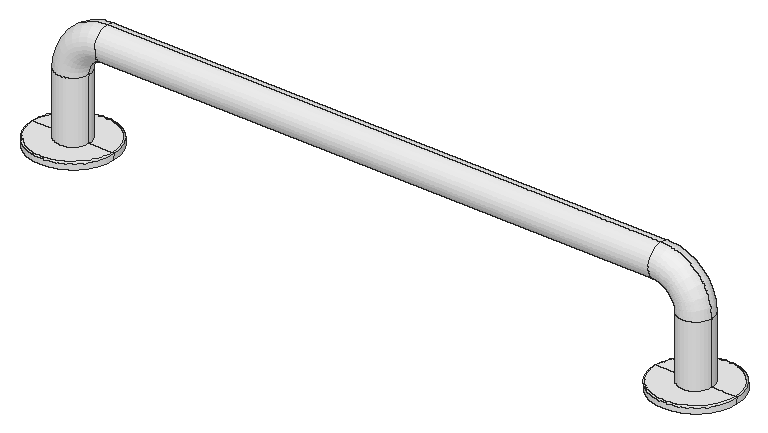
Revit family "Bathroom-Accessory-Waterworks-Flyte-Towel_Bar", category Specialty Equipment, host Face, Revit 2014
Parameters (values of type "NOT A TYPE - Load Type Catalog")
  ‌Installation Requirements or Notes = "Wall Mounted. Not designed to be field cut"  # constant formula
  Warranty = "http://www.waterworks.com/warranty"
  Version = "2014 - v1.0a"  # constant formula
  Support Phone = "(224) 699-9545"  # constant formula
  Support Email = "mailto:support@anguleris.com"
  Model SKU = if(and(Constraint = 1, ControlM = 1), "22-43130-77563", if(and(Constraint = 1, ControlM = 2), "22-39098-92336", if(and(Constraint = 1, ControlM = 3), "22-39227-49736", if(and(Constraint = 1, ControlM = 4), "22-06174-67356", if(and(Constraint = 2, ControlM = 5), "22-50059-19662", if(and(Constraint = 2, ControlM = 6), "22-99807-78273", if(and(Constraint = 2, ControlM = 7), "22-50228-09742", if(and(Constraint = 2, ControlM = 8), "22-59402-53813", "Not Available"))))))))  # "22-43130-77563"
  Manufacturer Email = "mailto:acallanan@waterworks.com"
  Length = if([18" Towel Bar], 1' 6", 2' 0")  # 1' - 6"
  Height = 0' - 2 3/8"  # constant formula
  Finish = Metal - Waterworks - Chrome
  Depth = 0' - 3 7/16"  # constant formula
  18" Towel Bar = if(Constraint = 1, 1 = 1, 1 = 0)  # yes
  Keynote = "22 40 00"
  URL = "http://www.waterworks.com/"
  Product Page URL = "http://www.waterworks.com/flyte-18-single-metal-towel-bar-fltb18"
  Product Name = if(Constraint = 1, "Flyte 18” Single Towel Bar", "Flyte 24” Single Towel Bar")  # "Flyte 18” Single Towel Bar"
  Product Documentation Link = "http://assets.waterworks.com/wasset/37/original/35837.pdf"
  Model = if(Constraint = 1, "FLTB18", "FLTB24")  # "FLTB18"
  Material = ""
  Manufacturer Phone Number = "(203)546-6201"  # constant formula
  Manufacturer Address = "60 Backus Avenue, Danbury, CT 06810"  # constant formula
  Manufacturer = "Waterworks"  # constant formula
  Description = if(and(Constraint = 1, ControlM = 1), "Flyte 18” Single Towel Bar in Chrome", if(and(Constraint = 1, ControlM = 2), "Flyte 18” Single Towel Bar in Graphite", if(and(Constraint = 1, ControlM = 3), "Flyte 18” Single Towel Bar in Nickel", if(and(Constraint = 1, ControlM = 4), "Flyte 18” Single Towel Bar in Unlacquered Brass", if(and(Constraint = 2, ControlM = 5), "Flyte 24” Single Towel Bar in Chrome", if(and(Constraint = 2, ControlM = 6), "Flyte 24” Single Towel Bar in Graphite", if(and(Constraint = 2, ControlM = 7), "Flyte 24” Single Towel Bar in Nickel", if(and(Constraint = 2, ControlM = 8), "Flyte 24” Single Towel Bar in Unlacquered Brass", "Not Available"))))))))  # "Flyte 18” Single Towel Bar in Chrome"
  Default Elevation = 3' - 0"
  24" Towel Bar = not([18" Towel Bar])  # no
  Copyright = "@2017 Waterworks Operating Company LLC. All rights reserved"  # constant formula
  ControlM = 1
  Constraint = 1
  Assembly Code = "C1030200"
Reference planes (in)
  plane 1 "Center (Front/Back)": y = 0
  plane 2 "Back": z = 0
  plane 3 "Center (Left/Right)": x = 0
  plane 4: x = 9
  plane 5: x = -9
  plane 6 "Top": y = 1.1875
  plane 7 "Bottom": y = -1.1875
  plane 8 "Left": x = -10.1875
  plane 9: x = -7.8125
  plane 10: x = 7.8125
  plane 11 "Right": x = 10.1875
  plane 12: z = 3.4375
  plane 13: z = 2.5
  plane 14: z = 2.96875
Forms (in)
  Revolve 1, solid, material "Metal - Waterworks - Chrome" <- "Finish"
    sketch origin (0, 0, 0) x (1, 0, 0) y (0, 0, 1)
      loop
        line (-10.1875, 0) -> (-9, 0) -> (-9, 0.1875) -> (-10.15625, 0.1875)
        arc (-10.15625, 0.1875) -> (-10.17835, 0.17835) -> (-10.1875, 0.15625) r 0.03125
        line (-10.1875, 0.15625) -> (-10.1875, 0)
      axis (-9, 0.1875) -> (-9, 0)
    angle from 0 to 360
  Revolve 2, solid, material "Metal - Waterworks - Chrome" <- "Finish"
    sketch origin (0, 0, 0) x (1, 0, 0) y (0, 0, 1)
      loop
        line (9, 0) -> (10.1875, 0) -> (10.1875, 0.15625)
        arc (10.1875, 0.15625) -> (10.17835, 0.17835) -> (10.15625, 0.1875) r 0.03125
        line (10.15625, 0.1875) -> (9, 0.1875) -> (9, 0)
      axis (9, 0.1875) -> (9, 0)
    angle from 0 to 360
  Sweep 3, solid, material "Metal - Waterworks - Chrome" <- "Finish"
    path origin (0, 0, 0) x (1, 0, 0) y (0, 0, 1)
      loop
        line (9, 0) -> (9, 1.96875)
        arc (9, 1.96875) -> (8.70711, 2.67586) -> (8, 2.96875) r 1
        line (8, 2.96875) -> (-8, 2.96875)
        arc (-8, 2.96875) -> (-8.70711, 2.67586) -> (-9, 1.96875) r 1
        line (-9, 1.96875) -> (-9, 0)
    profile origin (0, 0, 2.96875) x (0, 0, -1) y (0, -1, 0)
      loop
        circle (0, 0) r 0.46875
Cuts and joins
  joined: Revolve 1, Revolve 2, Sweep 3
Lines and regions (in)
  Masking region 1
    outline origin (0, 1.1875, 3.625) x (0, 0, -1) y (-1, 0, 0)
      loop
        line (3.625, -10.1875) -> (3.625, -7.8125) -> (3.4375, -7.8125) -> (3.4375, -8.53125) -> (1.65625, -8.53125)
        arc (1.65625, -8.53125) -> (1.2806, -8.37565) -> (1.125, -8) r 0.53125
        line (1.125, -8) -> (1.125, 8)
        arc (1.125, 8) -> (1.2806, 8.37565) -> (1.65625, 8.53125) r 0.53125
        line (1.65625, 8.53125) -> (3.4375, 8.53125) -> (3.4375, 7.8125) -> (3.625, 7.8125) -> (3.625, 10.1875) -> (3.4375, 10.1875) -> (3.4375, 9.46875) -> (1.65625, 9.46875)
        arc (1.65625, 9.46875) -> (0.61769, 9.03856) -> (0.1875, 8) r 1.46875
        line (0.1875, 8) -> (0.1875, -8)
        arc (0.1875, -8) -> (0.61769, -9.03856) -> (1.65625, -9.46875) r 1.46875
        line (1.65625, -9.46875) -> (3.4375, -9.46875) -> (3.4375, -10.1875) -> (3.625, -10.1875)
  symbolic lines, detail levels medium+fine
    curve 1: line (10.1875, 1.1875, 0.1875) -> (7.8125, 1.1875, 0.1875)
    curve 2: line (-7.8125, 1.1875, 0.1875) -> (-10.1875, 1.1875, 0.1875)
Dimensions and locks (in)
  equal spacing: plane 5, plane 3 "Center (Left/Right)", plane 4
  "Length": plane 5 to plane 4
  equal spacing: plane 8 "Left", plane 5, plane 9
  locked: plane 8 "Left" to plane 9 at 2.375
  equal spacing: plane 10, plane 4, plane 11 "Right"
  locked: plane 10 to plane 11 "Right" at 2.375
  equal spacing: plane 7 "Bottom", plane 1 "Center (Front/Back)", plane 6 "Top"
  "Height": plane 7 "Bottom" to plane 6 "Top"
  plane 12 to plane 13 to plane 2 "Back" = 0' - 0 15/16" locked, 0' - 2 1/2" locked
  equal spacing: plane 12, plane 14, plane 13
  Revolve 1 sketch curve to Revolve 1 sketch curve to plane 2 "Back" = 0' - 0 1/32" locked, 0' - 0 5/32" locked
  locked: Revolve 1 sketch curve to plane 8 "Left" at 0.03125
  locked: plane 11 "Right" to Revolve 2 sketch curve at 0.03125
  Revolve 2 sketch curve to Revolve 2 sketch curve to plane 2 "Back" = 0' - 0 1/32" locked, 0' - 0 5/32" locked
  locked: Sweep 3 sketch curve to plane 1 "Center (Front/Back)" at 0.46875
  plane 4 to Masking region 1 sketch curve to Masking region 1 sketch curve = 0' - 1" locked, 0' - 0" locked
  Masking region 1 sketch curve to Masking region 1 sketch curve to plane 14 = 0' - 0" locked, 0' - 1" locked  (x2)
  Masking region 1 sketch curve to Masking region 1 sketch curve to plane 5 = 0' - 0" locked, 0' - 1" locked
  aligned and locked: host face to plane 2 "Back"
  aligned and locked: level to host face
  aligned and locked: Revolve 1 sketch curve to plane 8 "Left"
  aligned and locked: Revolve 1 sketch curve to plane 2 "Back"
  aligned and locked: plane 5 to Revolve 1 sketch curve
  aligned and locked: Revolve 1 sketch curve to plane 5
  aligned and locked: Revolve 2 sketch curve to plane 2 "Back"
  aligned and locked: Revolve 2 sketch curve to plane 4  (x2)
  aligned and locked: plane 11 "Right" to Revolve 2 sketch curve
  aligned and locked: Sweep 3 sketch curve to plane 5
  aligned and locked: plane 14 to Sweep 3 sketch curve
  aligned and locked: plane 4 to Sweep 3 sketch curve
  aligned and locked: plane 2 "Back" to Sweep 3 sketch curve  (x2)
  aligned and locked: profile plane to plane 14
  aligned and locked: profile plane to plane 1 "Center (Front/Back)"
  aligned and locked: profile plane to Sweep 3 sketch curve  (x2)
  aligned and locked: Masking region 1 sketch curve to plane 2 "Back"  (x2)
  aligned and locked: Masking region 1 sketch curve to plane 10
  aligned and locked: plane 11 "Right" to Masking region 1 sketch curve
  aligned and locked: plane 9 to Masking region 1 sketch curve
  aligned and locked: Masking region 1 sketch curve to plane 8 "Left"
  aligned and locked: Masking region 1 sketch curve to cut or joined group of Revolve 1, Revolve 2, Sweep 3  (x7)
  aligned and locked: cut or joined group of Revolve 1, Revolve 2, Sweep 3 to Masking region 1 sketch curve
  aligned and locked: Masking region 1 sketch curve to plane 13
  aligned and locked: Masking region 1 sketch curve to plane 12
  aligned and locked: curve 1 to cut or joined group of Revolve 1, Revolve 2, Sweep 3
  aligned and locked: plane 11 "Right" to curve 1
  aligned and locked: plane 10 to curve 1
  aligned and locked: plane 9 to curve 2
  aligned and locked: plane 8 "Left" to curve 2
  aligned and locked: curve 2 to cut or joined group of Revolve 1, Revolve 2, Sweep 3
Automatic sketch dimensions
  host sketch curve to host sketch curve = 6' - 0"  (x2)
  Revolve 1 sketch curve to level = 0' - 6"
  plane 12 to Revolve 1 sketch curve = 0' - 2 9/16"
  Revolve 2 sketch curve to level = 0' - 6"
  plane 12 to Revolve 2 sketch curve = 0' - 2 9/16"
  Sweep 3 sketch curve to plane 9 = 0' - 0 3/16"
  plane 10 to Sweep 3 sketch curve = 0' - 0 3/16"
Types in the file's own list only (8): name | Model SKU | Length | Finish | 18" Towel Bar | Product Page URL | Product Name | Product Documentation Link | Model | Description | 24" Towel Bar | ControlM | Constraint
  Flyte 18” Single Towel Bar in Chrome | "22-43130-77563" | 1' - 6" | Metal - Waterworks - Chrome | Yes | "http://www.waterworks.com/flyte-18-single-towel-bar-fltb18" | "Flyte 18” Single Towel Bar" | "http://assets.waterworks.com/wasset/37/original/35837.pdf" | "FLTB18" | "Flyte 18” Single Towel Bar in Chrome" | No | 1 | 1
  Flyte 18” Single Towel Bar in Graphite | "22-39098-92336" | 1' - 6" | Metal - Waterworks - Graphite | Yes | "http://www.waterworks.com/flyte-18-single-towel-bar-fltb18" | "Flyte 18” Single Towel Bar" | "http://assets.waterworks.com/wasset/37/original/35837.pdf" | "FLTB18" | "Flyte 18” Single Towel Bar in Graphite" | No | 2 | 1
  Flyte 18” Single Towel Bar in Nickel | "22-39227-49736" | 1' - 6" | Metal - Waterworks - Nickel | Yes | "http://www.waterworks.com/flyte-18-single-towel-bar-fltb18" | "Flyte 18” Single Towel Bar" | "http://assets.waterworks.com/wasset/37/original/35837.pdf" | "FLTB18" | "Flyte 18” Single Towel Bar in Nickel" | No | 3 | 1
  Flyte 18” Single Towel Bar in Unlacquered Brass | "22-06174-67356" | 1' - 6" | Metal - Waterworks - Unlacquered Brass | Yes | "http://www.waterworks.com/flyte-18-single-towel-bar-fltb18" | "Flyte 18” Single Towel Bar" | "http://assets.waterworks.com/wasset/37/original/35837.pdf" | "FLTB18" | "Flyte 18” Single Towel Bar in Unlacquered Brass" | No | 4 | 1
  Flyte 24” Single Towel Bar in Chrome | "22-50059-19662" | 2' - 0" | Metal - Waterworks - Chrome | No | "http://www.waterworks.com/flyte-24-single-towel-bar-fltb24" | "Flyte 24” Single Towel Bar" | "http://assets.waterworks.com/wasset/48/original/35848.pdf" | "FLTB24" | "Flyte 24” Single Towel Bar in Chrome" | Yes | 5 | 2
  Flyte 24” Single Towel Bar in Graphite | "22-99807-78273" | 2' - 0" | Metal - Waterworks - Graphite | No | "http://www.waterworks.com/flyte-24-single-towel-bar-fltb24" | "Flyte 24” Single Towel Bar" | "http://assets.waterworks.com/wasset/48/original/35848.pdf" | "FLTB24" | "Flyte 24” Single Towel Bar in Graphite" | Yes | 6 | 2
  Flyte 24” Single Towel Bar in Nickel | "22-50228-09742" | 2' - 0" | Metal - Waterworks - Nickel | No | "http://www.waterworks.com/flyte-24-single-towel-bar-fltb24" | "Flyte 24” Single Towel Bar" | "http://assets.waterworks.com/wasset/48/original/35848.pdf" | "FLTB24" | "Flyte 24” Single Towel Bar in Nickel" | Yes | 7 | 2
  Flyte 24” Single Towel Bar in Unlacquered Brass | "22-59402-53813" | 2' - 0" | Metal - Waterworks - Unlacquered Brass | No | "http://www.waterworks.com/flyte-24-single-towel-bar-fltb24" | "Flyte 24” Single Towel Bar" | "http://assets.waterworks.com/wasset/48/original/35848.pdf" | "FLTB24" | "Flyte 24” Single Towel Bar in Unlacquered Brass" | Yes | 8 | 2
